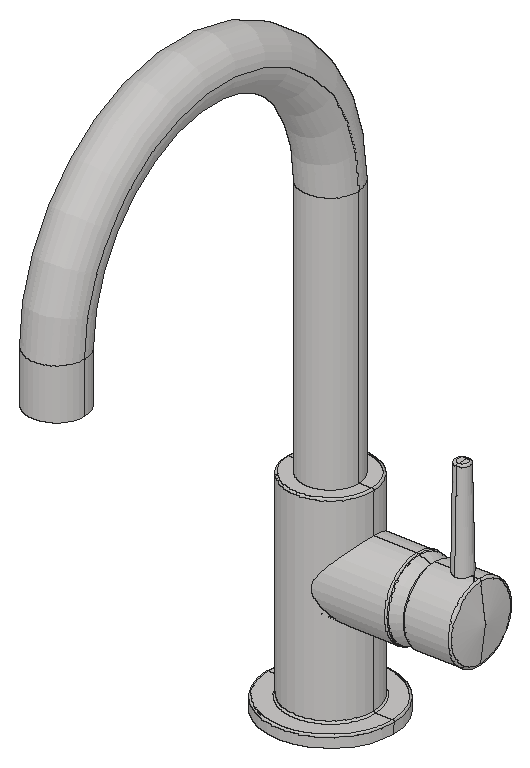
Revit family "Delta Single Handle Bar Prep Faucet 1959LF-AR", category Plumbing Fixtures, host Face, Revit 2013
Parameters
  URL = "http://www.deltafaucet.com/kitchen/details/1959lf-ar.html"
  Height = 293 mm
  Length = 186 mm
  Depth = 96 mm
  Model = "1959LF-AR"
  Manufacturer = "Delta"
  Faucet = Stainless Steel
  Default Elevation = 1219.2 mm
  CW Connection = yes
Reference planes
  plane 1 "Center (Front/Back)": y = 0
  plane 2: z = 0
  plane 3 "Center (Left/Right)": x = 0
Dimensions and locks
  aligned and locked: plane 2 to host face
  aligned and locked: level to host face
  aligned and locked: level to nested 1
Nested families
  nested 1: "1959LF" at (0, 0, 0), type "1959LF"
Connectors
  piping at (0, 0, 0)
    settings: on host face, index 1, connector radius 12", flow factor 0, pipe flow 0 GPM, pressure drop 0.00 psi, fitting loss kfactor 0, connector angle 0.00°, fixture units 0, engagement length 0 mm, flow configuration 0, flow direction 0, fitting loss method 0, system type 7, joint type 0, gender type 0, connector reference index -1, connector utility 0, adjustable connector no, is connector primary yes, fitting loss table "", connector description ""
Definition of nested family "1959LF"
  Parameters (values of type "1959LF")
    URL = ""
    Tap = Stainless Steel
    Model = ""
    Manufacturer = "Delta"
  Reference planes
    plane 1 "Center (Front/Back)": y = 0
    plane 2: z = 0
    plane 3 "Center (Left/Right)": x = 0
    plane 4: through (0, -68.849, 780.76) normal (0, -0.9945, 0.1045)
    plane 5: z = 185
    plane 6: y = -150
    plane 7: z = 293
    plane 8: y = -28
    plane 9: x = 58
  Forms (mm)
    Revolve 1, solid, material "Stainless Steel" <- "Tap"
      sketch origin (-935.825, 0, -683.27) x (1, 0, 0) y (0, 0, 1)
        loop
          line (963.825, 683.27) -> (963.825, 687.563)
          arc (963.825, 687.563) -> (963.601, 688.102) -> (963.063, 688.325) r 0.762
          line (963.063, 688.325) -> (955.594, 688.325)
          arc (955.594, 688.325) -> (955.046, 688.555) -> (954.825, 689.106) r 0.769
          line (954.825, 689.106) -> (935.825, 689.106) -> (935.825, 683.27) -> (963.825, 683.27)
        axis (935.825, 689.106) -> (935.825, 683.27)
      angle from 0 to 360
    Sweep 2, solid, material "Stainless Steel" <- "Tap"
      path origin (0, 0, -615.228) x (0, 1, 0) y (0, 0, 1)
        loop
          line (0, 707.728) -> (0, 822.728)
          arc (0, 822.728) -> (-75, 897.728) -> (-150, 822.728) r 75
          line (-150, 822.728) -> (-150, 800.228)
      profile origin (0, 0, 150) x (0, -1, 0) y (1, 0, 0)
        loop
          circle (0, -0.214) r 12.5
    Revolve 3, solid, material "Stainless Steel" <- "Tap"
      sketch origin (-12.031, -0.625, -18.152) x (1, 0, 0) y (0, 0, 1)
        loop
          line (18.194, 57.969) -> (50.303, 57.969)
          arc (50.303, 57.969) -> (50.805, 58.158) -> (51.058, 58.632) r 0.762
          arc (51.058, 58.632) -> (51.251, 58.164) -> (51.75, 58.094) r 0.508
          arc (51.75, 58.094) -> (54.386, 59.327) -> (56.864, 60.853) r 25.4
          arc (56.864, 60.853) -> (57.423, 59.564) -> (58.44, 58.595) r 3.528
          line (58.44, 58.595) -> (77.672, 58.595)
          arc (77.672, 58.595) -> (78.309, 58.82) -> (78.665, 59.394) r 1.016
          arc (78.665, 59.394) -> (80.054, 67.386) -> (80.743, 75.469) r 93.198
          line (80.743, 75.469) -> (18.194, 75.469) -> (18.194, 57.969)
        axis (80.743, 75.469) -> (18.194, 75.469)
      angle from 0 to 360
    Revolve 4, solid, material "Stainless Steel" <- "Tap"
      sketch origin (57.969, -52.984, 15.533) x (0, 0.707107, -0.707107) y (0, 0.707107, 0.707107)
        loop
          line (1.961, 78.715) -> (-31.94, 111.453)
          arc (-31.94, 111.453) -> (-32.476, 111.667) -> (-33.008, 111.444) r 0.762
          line (-33.008, 111.444) -> (-34.761, 109.691) -> (-0.912, 75.842) -> (1.961, 78.715)
        axis (-0.912, 75.842) -> (-34.761, 109.691)
      angle from 0 to 360
    Revolve 5, solid, material "Stainless Steel" <- "Tap"
      sketch origin (-935.825, 0, -683.27) x (1, 0, 0) y (0, 0, 1)
        loop
          line (954.825, 689.106) -> (954.825, 775.446)
          arc (954.825, 775.446) -> (954.604, 775.979) -> (954.07, 776.2) r 0.755
          line (954.07, 776.2) -> (935.825, 776.2) -> (935.825, 689.106) -> (954.825, 689.106)
        axis (935.825, 689.106) -> (935.825, 776.2)
      angle from 0 to 360
  Dimensions and locks
    level to plane 5 = 185 mm
    plane 6 to plane 1 "Center (Front/Back)" = 150 mm
    level to plane 7 = 293 mm
    plane 8 to plane 1 "Center (Front/Back)" = 28 mm
    plane 3 "Center (Left/Right)" to plane 9 = 58 mm
    Revolve 3 sketch curve to Revolve 3 sketch curve = 17.5 mm
